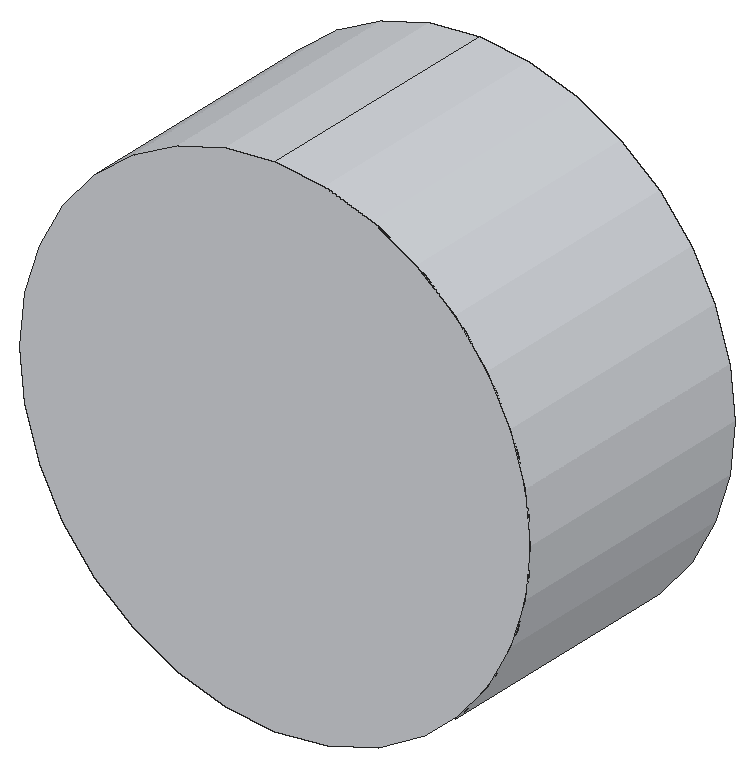
Revit family "UF-500-284_BA-OF-90LH-OLD", category Equipement spécialisé, Revit 2021
Family settings
  Cote de connecteur circulaire = Utiliser le diamètre
  Type d'élément = Normal
  Numéro OmniClass = 23.85.50.31.11
  Titre OmniClass = Door Entry Telephones
  Basée sur le plan de construction = Non
  Toujours verticalement = Oui
  Couper avec des vides une fois chargée = Non
  Partagée = Non
  Point de calcul de pièce = Non
Parameters (values of type "Norme")
  URL = "https://www.urmet.fr/bouton+poussoir+90+x+90+lumineux+ba+of+90lh+old-7679"
  Modèle = "BA/OF/90LH/OLD"
  Fabricant = "URMET FRANCE"
  Elévation par défaut = 0 mm
  Description = "BOUTON POUSSOIR"
Reference planes
  plane 1 "Centre (avant/arrière)": y = 0
  plane 2: z = 0
  plane 3 "Centre (gauche/droite)": x = 0
Forms (mm)
  Extrusion 1, solid
    sketch origin (0, 0, 16.5) x (0, 0, 1) y (1, 0, 0)
      loop
        circle (0, 0) r 3.048
    from 0 to -3.048
Dimensions and locks
  aligned and locked: level to plane 2
Connectors
  electrical at (0, 0, 16.5)
    settings: on Extrusion 1, index 1, voltage 0 V, apparent load 0 VA, apparent load phase1 0 VA, apparent load phase2 0 VA, apparent load phase3 0 VA, power factor 1, load classification "Autre", number of poles 1, system type 14, power factor state 1, is connector primary yes, connector utility no, sub classification motor no, connector description ""
